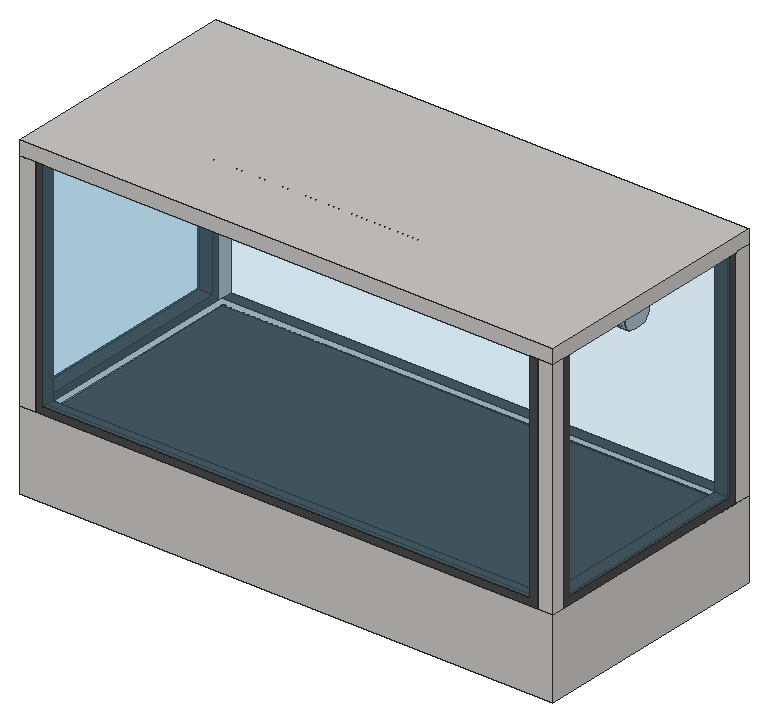
Revit family "QF_FESTIVE_DHD14", category Specialty Equipment, Revit 2020
Family settings
  Round Connector Dimension = Use Diameter
  Part Type = Normal
  Work Plane-Based = No
  Always vertical = Yes
  Cut with Voids When Loaded = No
  Shared = No
  Room Calculation Point = No
Parameters (values of type "DHD14")
  Weight in Pounds = 0
  Watts = if(Phase = 3, Volts * FL Amps * 1.73, Volts * FL Amps)  # 2640 W
  Volts = 220 V
  URL Cutsheet = ""
  Specification by User = ""
  Specification by Manufacturer = ""
  Serial Number = ""
  Seismic Rating = ""
  SMACNA No = ""
  Revision Code = ""
  Phase = 1
  Number of Poles = 1
  NAFEM Spec ID Number = ""
  Model = "DHD14"
  Min Ckt Ampacity = 0 A
  Max Overcurrent Protection = 0 A
  Masterspec = ""
  Manufacturer = "FESTIVE"
  Light Length [instance] = Length - 70 mm  # 1325 mm
  Length = 1395 mm
  Item Number = ""
  Installed By = ""
  Identify Quantity as Lot = yes
  Height = 830 mm
  HP = ""
  Furnished By = ""
  Foodservice Equipment Identifier = yes
  FL Amps = 12 A
  Electrical Remarks = ""
  Electric Connection Type = ""
  Elec Conn RI Height = 0 mm
  Elec Conn Connection Height = 0 mm
  Door Length [instance] = if(Length > 1069 mm, (Length / 2) - 80 mm, Length - 80 mm)  # 617.5 mm
  Description = "DEVON: HOT DECK"
  Depth = 640 mm
  Default Elevation = 0 mm
  Cycle = 50 Hz
  Conn Plug = ""
  Conn Conduit = yes
  Center Post Assembly [instance] = Length > 1069 mm  # yes
  CSI MasterFormat = ""
  Apparent Power = if(Phase = 3, Volts * FL Amps * 1.73, Volts * FL Amps)  # 2640 VA
Reference planes
  plane 1 "BACK": y = 0
  plane 2: z = 0
  plane 3 "LEFT": x = 0
  plane 4 "RIGHT": x = 1395
  plane 5 "FRONT": y = -640
  plane 6 "TOP": z = 830
  plane 7 "Center Y": x = 697.5
  plane 8 "Center X": y = -320
  plane 9: z = 205
Forms (mm)
  Extrusion 1, solid, material "QF_Metal - Stainless - Satin"
    sketch origin (0, 0, 0) x (0, 1, 0) y (0, 0, 1)
      loop
        line (0, 205) -> (-640, 205) -> (-640, 0) -> (0, 0) -> (0, 205)
    from 0 to 1395
  Extrusion 2, solid, material "QF_Metal - Stainless - Satin"
    sketch origin (0, 0, 0) x (0, 1, 0) y (0, 0, 1)
      loop
        line (0, 793) -> (0, 830) -> (-640, 830) -> (-640, 793) -> (0, 793)
    from 0 to 1395
  Extrusion 3, solid, material "QF_Metal - Stainless - Satin"
    sketch origin (0, 0, 0) x (0, 1, 0) y (0, 0, 1)
      loop
        line (0, 793) -> (-40.1, 793) -> (-40.1, 205) -> (0, 205) -> (0, 793)
    from 0 to 40.1
  Extrusion 4, solid, material "QF_Metal - Stainless - Satin"
    sketch origin (0, 0, 0) x (0, 1, 0) y (0, 0, 1)
      loop
        line (-608, 793) -> (-640, 793) -> (-640, 205) -> (-608, 205) -> (-608, 793)
    from 0 to 40.1
  Extrusion 5, solid, material "QF_Plastic - Black - Smooth"
    sketch origin (0, -640, 205) x (0, 0, -1) y (1, 0, 0)
      loop
        line (-588, 40.1) -> (0, 40.1) -> (0, 1354.9) -> (-588, 1354.9) -> (-588, 1334.9) -> (-20, 1334.9) -> (-20, 60.1) -> (-588, 60.1) -> (-588, 40.1)
    from 0 to -32
  Extrusion 6, solid, material "Glass"
    sketch origin (0, -640, 205) x (0, 0, -1) y (1, 0, 0)
      loop
        line (-588, 60.1) -> (-20, 60.1) -> (-20, 1334.9) -> (-588, 1334.9) -> (-588, 60.1)
    from 0 to -10
  Extrusion 7, solid, material "QF_Plastic - Black - Smooth"
    sketch origin (0, 0, 0) x (0, -1, 0) y (0, 0, 1)
      loop
        line (40.1, 793) -> (40.1, 205) -> (608, 205) -> (608, 793) -> (588, 793) -> (588, 225) -> (60.1, 225) -> (60.1, 793) -> (40.1, 793)
    from 0 to -40.1
  Extrusion 8, solid, material "QF_Plastic - Black - Smooth"
    sketch origin (1395, 0, 0) x (0, -1, 0) y (0, 0, 1)
      loop
        line (40.1, 793) -> (40.1, 205) -> (608, 205) -> (608, 793) -> (588, 793) -> (588, 225) -> (60.1, 225) -> (60.1, 793) -> (40.1, 793)
    from 0 to 39.9
  Extrusion 9, solid, material "Glass"
    sketch origin (1395, 0, 0) x (0, -1, 0) y (0, 0, 1)
      loop
        line (588, 793) -> (60.1, 793) -> (60.1, 225) -> (588, 225) -> (588, 793)
    from 0 to 5.1
  Extrusion 10, solid, material "Glass"
    sketch origin (0, 0, 0) x (0, 1, 0) y (0, 0, -1)
      loop
        line (-588, -793) -> (-60.1, -793) -> (-60.1, -225) -> (-588, -225) -> (-588, -793)
    from 0 to -5.1
  Extrusion 11, solid, material "QF_Metal - Stainless - Satin"
    sketch origin (0, -608, 205) x (1, 0, 0) y (0, -1, 0)
      loop
        line (40.1, -576) -> (1354.9, -576) -> (1354.9, 0) -> (40.1, 0) -> (40.1, -576)
      loop
        line (60.1, -556) -> (1334.9, -556) -> (1334.9, -20) -> (60.1, -20) -> (60.1, -556)
    from 0 to -2
  Extrusion 12, solid
    sketch origin (0, 0, 201.118) x (0, 0, 1) y (1, 0, 0)
      loop
        circle (-171.118, 56) r 10
    from 0 to 3.2
  Extrusion 13, solid, material "QF_Metal - Stainless - Satin"
    sketch origin (0, 0, 201.118) x (0, 0, 1) y (1, 0, 0)
      loop
        line (-78.018, 922.5) -> (-196.118, 922.5) -> (-196.118, 472.5) -> (-78.018, 472.5) -> (-78.018, 922.5)
      loop
        line (-135.768, 586.65) -> (-135.768, 660.65)
        arc (-135.768, 660.65) -> (-154.018, 664.14) -> (-172.268, 660.65) r 49.458
        line (-172.268, 660.65) -> (-172.268, 586.65)
        arc (-172.268, 586.65) -> (-154.018, 583.131) -> (-135.768, 586.65) r 49.084
    from 0 to 1.5
  Extrusion 14, solid
    sketch origin (-21.25, 1.5, 201.118) x (0, 0, 1) y (1, 0, 0)
      loop
        line (-137.993, 589.375) -> (-169.993, 589.375) -> (-169.993, 575.375) -> (-137.993, 575.375) -> (-137.993, 589.375)
      loop
        line (-165.993, 586.375) -> (-165.993, 578.375) -> (-141.993, 578.375) -> (-141.993, 586.375) -> (-165.993, 586.375)
      loop
        line (-137.993, 558.95) -> (-169.993, 558.95) -> (-169.993, 544.95) -> (-137.993, 544.95) -> (-137.993, 558.95)
      loop
        line (-165.993, 555.95) -> (-165.993, 547.95) -> (-141.993, 547.95) -> (-141.993, 555.95) -> (-165.993, 555.95)
    from 0 to 1.5
  Extrusion 15, solid, material "QF_Plastic - Red - Smooth"
    sketch origin (557.125, 1.5, 59.125) x (0, 0, -1) y (0, 1, 0)
      loop
        line (0, 1.5) -> (24, 1.5) -> (24, 6.5)
        arc (24, 6.5) -> (12.085, 4.325) -> (0, 3.53) r 105.571
        line (0, 3.53) -> (0, 1.5)
    from 0 to 8
  Extrusion 16, solid, material "QF_Plastic - Black - Smooth"
    sketch origin (298.4, 1.5, 155.795) x (0, 0, 1) y (1, 0, 0)
      loop
        arc (-90.445, 362.25) -> (-108.695, 365.858) -> (-126.945, 362.25) r 47.955
        line (-126.945, 362.25) -> (-126.945, 288.25)
        arc (-126.945, 288.25) -> (-108.695, 284.642) -> (-90.445, 288.25) r 47.955
        line (-90.445, 288.25) -> (-90.445, 362.25)
    from 0 to 1.5
  Extrusion 17, solid, material "QF_Plastic - Red - Smooth"
    sketch origin (526.7, 1.5, 59.125) x (0, 0, -1) y (0, 1, 0)
      loop
        line (0, 1.5) -> (24, 1.5) -> (24, 6.5)
        arc (24, 6.5) -> (12.085, 4.325) -> (0, 3.53) r 105.571
        line (0, 3.53) -> (0, 1.5)
    from 0 to 8
  Extrusion 18, solid, material "QF_Metal - Stainless - Satin", not visible
    sketch origin (-325, 0, 201.118) x (0, 0, 1) y (1, 0, 0)
      loop
        line (-78.018, 922.5) -> (-196.118, 922.5) -> (-196.118, 472.5) -> (-78.018, 472.5) -> (-78.018, 922.5)
      loop
        line (-135.768, 586.65) -> (-135.768, 660.65)
        arc (-135.768, 660.65) -> (-154.018, 664.14) -> (-172.268, 660.65) r 49.458
        line (-172.268, 660.65) -> (-172.268, 586.65)
        arc (-172.268, 586.65) -> (-154.018, 583.131) -> (-135.768, 586.65) r 49.084
    from 0 to 1.5
  Extrusion 19, solid, not visible
    sketch origin (-346.25, 1.5, 201.118) x (0, 0, 1) y (1, 0, 0)
      loop
        line (-137.993, 589.375) -> (-169.993, 589.375) -> (-169.993, 575.375) -> (-137.993, 575.375) -> (-137.993, 589.375)
      loop
        line (-165.993, 586.375) -> (-165.993, 578.375) -> (-141.993, 578.375) -> (-141.993, 586.375) -> (-165.993, 586.375)
      loop
        line (-137.993, 558.95) -> (-169.993, 558.95) -> (-169.993, 544.95) -> (-137.993, 544.95) -> (-137.993, 558.95)
      loop
        line (-165.993, 555.95) -> (-165.993, 547.95) -> (-141.993, 547.95) -> (-141.993, 555.95) -> (-165.993, 555.95)
    from 0 to 1.5
  Extrusion 20, solid, material "QF_Plastic - Red - Smooth", not visible
    sketch origin (232.125, 1.5, 59.125) x (0, 0, -1) y (0, 1, 0)
      loop
        line (0, 1.5) -> (24, 1.5) -> (24, 6.5)
        arc (24, 6.5) -> (12.085, 4.325) -> (0, 3.53) r 105.571
        line (0, 3.53) -> (0, 1.5)
    from 0 to 8
  Extrusion 21, solid, material "QF_Plastic - Black - Smooth", not visible
    sketch origin (-26.6, 1.5, 155.795) x (0, 0, 1) y (1, 0, 0)
      loop
        arc (-90.445, 362.25) -> (-108.695, 365.858) -> (-126.945, 362.25) r 47.955
        line (-126.945, 362.25) -> (-126.945, 288.25)
        arc (-126.945, 288.25) -> (-108.695, 284.642) -> (-90.445, 288.25) r 47.955
        line (-90.445, 288.25) -> (-90.445, 362.25)
    from 0 to 1.5
  Extrusion 22, solid, material "QF_Plastic - Red - Smooth", not visible
    sketch origin (201.7, 1.5, 59.125) x (0, 0, -1) y (0, 1, 0)
      loop
        line (0, 1.5) -> (24, 1.5) -> (24, 6.5)
        arc (24, 6.5) -> (12.085, 4.325) -> (0, 3.53) r 105.571
        line (0, 3.53) -> (0, 1.5)
    from 0 to 8
  Extrusion 23, solid, material "QF_Metal - Stainless - Satin"
    sketch origin (1395, 0, 0) x (0, -1, 0) y (0, 0, 1)
      loop
        line (0, 793) -> (0, 205) -> (40.1, 205) -> (40.1, 793) -> (0, 793)
    from 0 to 39.9
  Extrusion 24, solid, material "QF_Metal - Stainless - Satin"
    sketch origin (1395, 0, 0) x (0, -1, 0) y (0, 0, 1)
      loop
        line (608, 793) -> (608, 205) -> (640, 205) -> (640, 793) -> (608, 793)
    from 0 to 39.9
Lines and regions (mm)
  Split face 1
    outline origin (298.4, 3, 155.795) x (0, 0, 1) y (1, 0, 0)
      loop
        arc (-93.945, 353.493) -> (-108.685, 356.848) -> (-123.425, 353.493) r 34.06
        line (-123.425, 353.493) -> (-123.425, 314) -> (-93.945, 314) -> (-93.945, 353.493)
  Split face 2, not visible
    outline origin (-26.6, 3, 155.795) x (0, 0, 1) y (1, 0, 0)
      loop
        arc (-93.945, 353.493) -> (-108.685, 356.848) -> (-123.425, 353.493) r 34.06
        line (-123.425, 353.493) -> (-123.425, 314) -> (-93.945, 314) -> (-93.945, 353.493)
  symbolic lines
    curve 1: line (0, 0, 0) -> (1395, 0, 0)
    curve 2: line (0, -640, 0) -> (0, 0, 0)
    curve 3: line (1395, -640, 0) -> (0, -640, 0)
    curve 4: line (1395, 0, 0) -> (1395, -640, 0)
Dimensions and locks
  equal spacing: plane 3 "LEFT", plane 7 "Center Y", plane 4 "RIGHT"
  "Length": plane 3 "LEFT" to plane 4 "RIGHT"
  equal spacing: plane 5 "FRONT", plane 8 "Center X", plane 1 "BACK"
  "Depth": plane 5 "FRONT" to plane 1 "BACK"
  "Height": plane 6 "TOP" to level
  plane 9 to plane 2 = 205 mm  (x2)
  plane 6 "TOP" to plane 9 = 625 mm  (x2)
  plane 1 "BACK" to plane 5 "FRONT" = 640 mm
  locked: Extrusion 13 to plane 7 "Center Y" at 225
  Extrusion 5 sketch curve to Extrusion 5 sketch curve to plane 4 "RIGHT" = 20 mm locked, 40.1 mm locked
  Extrusion 11 sketch curve to Extrusion 11 sketch curve to plane 4 "RIGHT" = 20 mm locked, 40.1 mm locked
  plane 3 "LEFT" to plane 4 "RIGHT" = 1395 mm
  locked: nested 1 to plane 3 "LEFT" at 35
  aligned and locked: level to plane 2
  aligned and locked: Extrusion 2 to plane 4 "RIGHT"
  aligned and locked: Extrusion 1 to plane 4 "RIGHT"
Automatic sketch dimensions
  Extrusion 13 sketch curve to Extrusion 13 sketch curve = 18.25 mm  (x2)
  Extrusion 13 sketch curve to Extrusion 13 sketch curve = 0 mm
  Extrusion 13 sketch curve to Extrusion 13 sketch curve = 28.032 mm
  Extrusion 13 sketch curve to Extrusion 13 sketch curve = 17.533 mm
  Extrusion 13 sketch curve to Extrusion 13 sketch curve = 28.435 mm
  Extrusion 13 to Extrusion 14 sketch curve = 2.275 mm  (x2)
  Extrusion 14 sketch curve to Extrusion 14 sketch curve = 4 mm  (x2)
  Extrusion 13 to Extrusion 14 sketch curve = 6.225 mm  (x2)
  Extrusion 13 to Extrusion 14 sketch curve = 2.225 mm  (x2)
  Extrusion 14 sketch curve to Extrusion 13 = 51.2 mm
  Extrusion 14 sketch curve to Extrusion 14 sketch curve = 3 mm  (x4)
  Extrusion 14 sketch curve to Extrusion 14 sketch curve = 8 mm  (x2)
  Extrusion 14 sketch curve to Extrusion 14 sketch curve = 16.425 mm
  Extrusion 14 to Extrusion 15 sketch curve = 0 mm  (x2)
  Extrusion 15 sketch curve to Extrusion 14 = 0 mm
  Extrusion 15 sketch curve to Extrusion 14 = 0.881 mm
  Extrusion 15 sketch curve to Extrusion 14 = 2.03 mm
  Extrusion 15 sketch curve to Extrusion 14 = 5 mm
  Extrusion 16 sketch curve to Extrusion 16 sketch curve = 18.25 mm  (x2)
  Extrusion 16 sketch curve to Extrusion 16 sketch curve = 0 mm
  Extrusion 16 sketch curve to Extrusion 16 sketch curve = 29.654 mm  (x2)
  Extrusion 16 sketch curve to Extrusion 16 sketch curve = 14.693 mm
  Split face 1 sketch curve to Extrusion 16 = 3.52 mm
  Split face 1 sketch curve to Split face 1 sketch curve = 14.74 mm
  Split face 1 sketch curve to Extrusion 16 = 3.5 mm
  Split face 1 sketch curve to Split face 1 sketch curve = 8.787 mm
  Split face 1 sketch curve to Split face 1 sketch curve = 30.706 mm
  Extrusion 17 sketch curve to Extrusion 17 sketch curve = 24 mm
  Extrusion 17 sketch curve to Extrusion 17 sketch curve = 2.03 mm
  Extrusion 17 sketch curve to Extrusion 17 sketch curve = 5 mm
  Extrusion 13 sketch curve to Extrusion 13 sketch curve = 23.85 mm
  Extrusion 13 sketch curve to Extrusion 13 sketch curve = 118.1 mm
  Extrusion 13 sketch curve to Extrusion 13 sketch curve = 114.15 mm
  Extrusion 13 sketch curve to Extrusion 13 sketch curve = 261.85 mm
  Extrusion 17 sketch curve to Extrusion 17 sketch curve = 0.881 mm
  Extrusion 18 sketch curve to Extrusion 18 sketch curve = 18.25 mm  (x2)
  Extrusion 18 sketch curve to Extrusion 18 sketch curve = 0 mm
  Extrusion 18 sketch curve to Extrusion 18 sketch curve = 28.032 mm
  Extrusion 18 sketch curve to Extrusion 18 sketch curve = 17.533 mm
  Extrusion 18 sketch curve to Extrusion 18 sketch curve = 28.435 mm
  Extrusion 18 to Extrusion 19 sketch curve = 2.275 mm  (x2)
  Extrusion 19 sketch curve to Extrusion 19 sketch curve = 4 mm  (x2)
  Extrusion 18 to Extrusion 19 sketch curve = 6.225 mm  (x2)
  Extrusion 18 to Extrusion 19 sketch curve = 2.225 mm  (x2)
  Extrusion 19 sketch curve to Extrusion 18 = 51.2 mm
  Extrusion 19 sketch curve to Extrusion 19 sketch curve = 3 mm  (x4)
  Extrusion 19 sketch curve to Extrusion 19 sketch curve = 8 mm  (x2)
  Extrusion 19 sketch curve to Extrusion 19 sketch curve = 16.425 mm
  Extrusion 19 to Extrusion 20 sketch curve = 0 mm  (x2)
  Extrusion 20 sketch curve to Extrusion 19 = 0 mm
  Extrusion 20 sketch curve to Extrusion 19 = 0.881 mm
  Extrusion 20 sketch curve to Extrusion 19 = 2.03 mm
  Extrusion 20 sketch curve to Extrusion 19 = 5 mm
  Extrusion 21 sketch curve to Extrusion 21 sketch curve = 18.25 mm  (x2)
  Extrusion 21 sketch curve to Extrusion 21 sketch curve = 0 mm
  Extrusion 21 sketch curve to Extrusion 21 sketch curve = 29.654 mm  (x2)
  Extrusion 21 sketch curve to Extrusion 21 sketch curve = 14.693 mm
  Split face 2 sketch curve to Extrusion 21 = 3.52 mm
  Split face 2 sketch curve to Split face 2 sketch curve = 14.74 mm
  Split face 2 sketch curve to Extrusion 21 = 3.5 mm
  Split face 2 sketch curve to Split face 2 sketch curve = 8.787 mm
  Split face 2 sketch curve to Split face 2 sketch curve = 30.706 mm
  Extrusion 22 sketch curve to Extrusion 22 sketch curve = 24 mm
  Extrusion 22 sketch curve to Extrusion 22 sketch curve = 2.03 mm
  Extrusion 22 sketch curve to Extrusion 22 sketch curve = 5 mm
  Extrusion 18 sketch curve to Extrusion 18 sketch curve = 23.85 mm
  Extrusion 18 sketch curve to Extrusion 18 sketch curve = 118.1 mm
  Extrusion 18 sketch curve to Extrusion 18 sketch curve = 114.15 mm
  Extrusion 18 sketch curve to Extrusion 18 sketch curve = 261.85 mm
  Extrusion 22 sketch curve to Extrusion 22 sketch curve = 0.881 mm
  curve 3 to plane 3 "LEFT" = 0 mm
  curve 3 to plane 4 "RIGHT" = 0 mm
  plane 5 "FRONT" to curve 3 = 0 mm
  plane 1 "BACK" to curve 2 = 0 mm
  Extrusion 1 sketch curve to plane 5 "FRONT" = 0 mm
  Extrusion 1 sketch curve to level = 0 mm
  Extrusion 1 sketch curve to plane 1 "BACK" = 0 mm
  Extrusion 1 sketch curve to plane 9 = 0 mm
  Extrusion 2 sketch curve to plane 5 "FRONT" = 0 mm
  Extrusion 2 sketch curve to plane 1 "BACK" = 0 mm
  Extrusion 2 sketch curve to plane 6 "TOP" = 0 mm
  Extrusion 2 sketch curve to plane 6 "TOP" = 37 mm
  Extrusion 3 sketch curve to plane 9 = 0 mm
  Extrusion 3 sketch curve to plane 1 "BACK" = 0 mm
  Extrusion 3 sketch curve to Extrusion 3 sketch curve = 40.1 mm
  Extrusion 3 sketch curve to plane 6 "TOP" = 37 mm
  Extrusion 4 sketch curve to plane 5 "FRONT" = 0 mm
  Extrusion 4 sketch curve to plane 9 = 0 mm
  Extrusion 4 sketch curve to plane 5 "FRONT" = 32 mm
  Extrusion 4 sketch curve to plane 6 "TOP" = 37 mm
  Extrusion 5 sketch curve to Extrusion 1 = 0 mm
  Extrusion 1 to Extrusion 5 sketch curve = 20 mm
  Extrusion 1 to Extrusion 5 sketch curve = 40.1 mm
  Extrusion 5 sketch curve to Extrusion 5 sketch curve = 568 mm  (x2)
  Extrusion 5 sketch curve to Extrusion 5 sketch curve = 20 mm
  Extrusion 1 to Extrusion 6 sketch curve = 60.1 mm  (x2)
  Extrusion 1 to Extrusion 6 sketch curve = 588 mm
  Extrusion 1 to Extrusion 6 sketch curve = 20 mm
  Extrusion 3 to Extrusion 7 sketch curve = 0 mm  (x3)
  Extrusion 7 sketch curve to Extrusion 3 = 0 mm
  Extrusion 3 to Extrusion 7 sketch curve = 20 mm
  Extrusion 7 sketch curve to Extrusion 3 = 20 mm
  Extrusion 7 sketch curve to Extrusion 7 sketch curve = 527.9 mm
  Extrusion 7 sketch curve to Extrusion 7 sketch curve = 20 mm
  Extrusion 8 sketch curve to plane 9 = 0 mm
  plane 1 "BACK" to Extrusion 8 sketch curve = 40.1 mm
  Extrusion 8 sketch curve to Extrusion 8 sketch curve = 20 mm  (x2)
  plane 9 to Extrusion 8 sketch curve = 20 mm
  Extrusion 8 sketch curve to plane 5 "FRONT" = 52 mm
  Extrusion 8 sketch curve to plane 6 "TOP" = 37 mm  (x2)
  plane 1 "BACK" to Extrusion 9 sketch curve = 60.1 mm
  plane 9 to Extrusion 9 sketch curve = 20 mm
  Extrusion 9 sketch curve to plane 5 "FRONT" = 52 mm
  Extrusion 9 sketch curve to plane 6 "TOP" = 37 mm
  plane 9 to Extrusion 10 sketch curve = 20 mm
  Extrusion 10 sketch curve to plane 5 "FRONT" = 52 mm
  plane 1 "BACK" to Extrusion 10 sketch curve = 60.1 mm
  Extrusion 10 sketch curve to plane 6 "TOP" = 37 mm
  Extrusion 11 sketch curve to Extrusion 7 = 0 mm  (x2)
  Extrusion 7 to Extrusion 11 sketch curve = 20 mm  (x2)
  Extrusion 11 sketch curve to Extrusion 7 = 11.9 mm
  Extrusion 7 to Extrusion 11 sketch curve = 8.1 mm
  level to Extrusion 12 sketch curve = 30 mm
  plane 3 "LEFT" to Extrusion 12 sketch curve = 56 mm
  Extrusion 23 sketch curve to plane 1 "BACK" = 0 mm
  Extrusion 23 sketch curve to plane 9 = 0 mm
  Extrusion 23 sketch curve to Extrusion 23 sketch curve = 40.1 mm
  Extrusion 23 sketch curve to plane 6 "TOP" = 37 mm
  Extrusion 24 sketch curve to plane 9 = 0 mm
  Extrusion 24 sketch curve to plane 5 "FRONT" = 0 mm
  Extrusion 24 sketch curve to plane 5 "FRONT" = 32 mm
  Extrusion 24 sketch curve to plane 6 "TOP" = 37 mm
  radius of Extrusion 12 sketch curve = 10 mm
Nested families
  nested 1: "LIGHTS" at (35, -282.344, 0), type "LIGHTS"
    with Length 1325 mm
Connectors
  electrical at (56, 3.2, 30), driven by "Volts", driven by "Watts"
    settings: on Extrusion 12, index 1, voltage 220 V, apparent load 2640 VA, apparent load phase1 0 VA, apparent load phase2 0 VA, apparent load phase3 0 VA, power factor 1, load classification "Other", number of poles 1, system type 30, power factor state 1, is connector primary yes, connector utility no, sub classification motor no, connector description "ELECTRICAL CONNECTION"
Definition of nested family "LIGHTS"
  Parameters (values of type "LIGHTS")
    Weight in Pounds = 0
    Watts = if(Phase = 3, Volts * FL Amps * 1.73, Volts * FL Amps)  # 1078 W
    Volts = 220 V
    URL Cutsheet = ""
    Specification by User = ""
    Specification by Manufacturer = ""
    Serial Number = ""
    Seismic Rating = ""
    SMACNA No = ""
    Revision Code = ""
    Phase = 1
    Number of Poles = 1
    NAFEM Spec ID Number = ""
    Model = "DHD7"
    Min Ckt Ampacity = 0 A
    Max Overcurrent Protection = 0 A
    Masterspec = ""
    Manufacturer = "FESTIVE"
    Length = 675 mm
    Item Number = ""
    Installed By = ""
    Identify Quantity as Lot = yes
    Height = 830 mm
    HP = ""
    Furnished By = ""
    Foodservice Equipment Identifier = yes
    FL Amps = 4.9 A  # constant formula
    Electrical Remarks = ""
    Electric Connection Type = ""
    Elec Conn RI Height = 0 mm
    Elec Conn Connection Height = 0 mm
    Description = "DEVON: HOT DECK"
    Depth = 75.193 mm
    Default Elevation = 0 mm
    Cycle = 50 Hz
    Conn Plug = ""
    Conn Conduit = yes
    CSI MasterFormat = ""
    Apparent Power = if(Phase = 3, Volts * FL Amps * 1.73, Volts * FL Amps)  # 1078 VA
  Reference planes
    plane 1 "BACK": y = 0
    plane 2: z = 0
    plane 3 "LEFT": x = 0
    plane 4 "RIGHT": x = 675
    plane 5 "FRONT": y = -75.193
    plane 6 "TOP": z = 830
    plane 7 "Center Y": x = 337.5
    plane 8 "Center X": y = -37.596
    plane 9: z = 205
    plane 10: x = 464.5
    plane 11: x = 210.5
  Forms (mm)
    Extrusion 1, solid
      sketch origin (-60.1, 282.404, 0) x (0, 1, 0) y (0, 0, 1)
        loop
          arc (-295, 792.076) -> (-295.856, 794.144) -> (-297.924, 795) r 2.924
          line (-297.924, 795) -> (-342.076, 795)
          arc (-342.076, 795) -> (-344.144, 794.144) -> (-345, 792.076) r 2.924
          line (-345, 792.076) -> (-345, 776.085)
          arc (-345, 776.085) -> (-357.596, 753.232) -> (-345, 730.378) r 27.029
          arc (-345, 730.378) -> (-320, 727.581) -> (-295, 730.378) r 113.108
          arc (-295, 730.378) -> (-282.404, 753.232) -> (-295, 776.085) r 27.029
          line (-295, 776.085) -> (-295, 792.076)
        loop
          arc (-298.5, 786) -> (-298.793, 786.707) -> (-299.5, 787) r 1
          line (-299.5, 787) -> (-301.5, 787)
          arc (-301.5, 787) -> (-302.207, 786.707) -> (-302.5, 786) r 1
          line (-302.5, 786) -> (-302.5, 774)
          arc (-302.5, 774) -> (-302.207, 773.293) -> (-301.5, 773) r 1
          line (-301.5, 773) -> (-299.5, 773)
          arc (-299.5, 773) -> (-298.793, 773.293) -> (-298.5, 774) r 1
          line (-298.5, 774) -> (-298.5, 786)
        loop
          arc (-305, 786) -> (-305.293, 786.707) -> (-306, 787) r 1
          line (-306, 787) -> (-308, 787)
          arc (-308, 787) -> (-308.707, 786.707) -> (-309, 786) r 1
          line (-309, 786) -> (-309, 774)
          arc (-309, 774) -> (-308.707, 773.293) -> (-308, 773) r 1
          line (-308, 773) -> (-306, 773)
          arc (-306, 773) -> (-305.293, 773.293) -> (-305, 774) r 1
          line (-305, 774) -> (-305, 786)
        loop
          arc (-311.5, 786) -> (-311.793, 786.707) -> (-312.5, 787) r 1
          line (-312.5, 787) -> (-314.5, 787)
          arc (-314.5, 787) -> (-315.207, 786.707) -> (-315.5, 786) r 1
          line (-315.5, 786) -> (-315.5, 774)
          arc (-315.5, 774) -> (-315.207, 773.293) -> (-314.5, 773) r 1
          line (-314.5, 773) -> (-312.5, 773)
          arc (-312.5, 773) -> (-311.793, 773.293) -> (-311.5, 774) r 1
          line (-311.5, 774) -> (-311.5, 786)
        loop
          arc (-318, 786) -> (-318.293, 786.707) -> (-319, 787) r 1
          line (-319, 787) -> (-321, 787)
          arc (-321, 787) -> (-321.707, 786.707) -> (-322, 786) r 1
          line (-322, 786) -> (-322, 774)
          arc (-322, 774) -> (-321.707, 773.293) -> (-321, 773) r 1
          line (-321, 773) -> (-319, 773)
          arc (-319, 773) -> (-318.293, 773.293) -> (-318, 774) r 1
          line (-318, 774) -> (-318, 786)
        loop
          arc (-324.5, 786) -> (-324.793, 786.707) -> (-325.5, 787) r 1
          line (-325.5, 787) -> (-327.5, 787)
          arc (-327.5, 787) -> (-328.207, 786.707) -> (-328.5, 786) r 1
          line (-328.5, 786) -> (-328.5, 774)
          arc (-328.5, 774) -> (-328.207, 773.293) -> (-327.5, 773) r 1
          line (-327.5, 773) -> (-325.5, 773)
          arc (-325.5, 773) -> (-324.793, 773.293) -> (-324.5, 774) r 1
          line (-324.5, 774) -> (-324.5, 786)
        loop
          arc (-331, 786) -> (-331.293, 786.707) -> (-332, 787) r 1
          line (-332, 787) -> (-334, 787)
          arc (-334, 787) -> (-334.707, 786.707) -> (-335, 786) r 1
          line (-335, 786) -> (-335, 774)
          arc (-335, 774) -> (-334.707, 773.293) -> (-334, 773) r 1
          line (-334, 773) -> (-332, 773)
          arc (-332, 773) -> (-331.293, 773.293) -> (-331, 774) r 1
          line (-331, 774) -> (-331, 786)
        loop
          arc (-337.5, 786) -> (-337.793, 786.707) -> (-338.5, 787) r 1
          line (-338.5, 787) -> (-340.5, 787)
          arc (-340.5, 787) -> (-341.207, 786.707) -> (-341.5, 786) r 1
          line (-341.5, 786) -> (-341.5, 774)
          arc (-341.5, 774) -> (-341.207, 773.293) -> (-340.5, 773) r 1
          line (-340.5, 773) -> (-338.5, 773)
          arc (-338.5, 773) -> (-337.793, 773.293) -> (-337.5, 774) r 1
          line (-337.5, 774) -> (-337.5, 786)
      from 60.1 to 62
    Extrusion 2, solid
      sketch origin (1.9, 282.404, 0) x (0, 1, 0) y (0, 0, 1)
        loop
          arc (-295, 792.076) -> (-295.856, 794.144) -> (-297.924, 795) r 2.924
          line (-297.924, 795) -> (-342.076, 795)
          arc (-342.076, 795) -> (-344.144, 794.144) -> (-345, 792.076) r 2.924
          line (-345, 792.076) -> (-345, 776.085)
          arc (-345, 776.085) -> (-357.596, 753.232) -> (-345, 730.378) r 27.029
          line (-345, 730.378) -> (-344.466, 731.224)
          arc (-344.466, 731.224) -> (-356.596, 753.232) -> (-344.466, 775.239) r 26.029
          line (-344.466, 775.239) -> (-295.534, 775.239)
          arc (-295.534, 775.239) -> (-283.404, 753.232) -> (-295.534, 731.224) r 26.029
          line (-295.534, 731.224) -> (-295, 730.378)
          arc (-295, 730.378) -> (-282.404, 753.232) -> (-295, 776.085) r 27.029
          line (-295, 776.085) -> (-295, 792.076)
      from 0 to 671.1
    Extrusion 3, solid
      sketch origin (1.9, 282.404, 0) x (0, 1, 0) y (0, 0, 1)
        loop
          line (-295.534, 775.239) -> (-344.466, 775.239)
          arc (-344.466, 775.239) -> (-356.596, 753.232) -> (-344.466, 731.224) r 26.029
          line (-344.466, 731.224) -> (-295.534, 731.224)
          arc (-295.534, 731.224) -> (-283.404, 753.232) -> (-295.534, 775.239) r 26.029
      from 0 to 208.6
    Extrusion 4, solid
      sketch origin (286.9, 282.404, 0) x (0, 1, 0) y (0, 0, 1)
        loop
          line (-295.534, 775.239) -> (-344.466, 775.239)
          arc (-344.466, 775.239) -> (-356.596, 753.232) -> (-344.466, 731.224) r 26.029
          line (-344.466, 731.224) -> (-295.534, 731.224)
          arc (-295.534, 731.224) -> (-283.404, 753.232) -> (-295.534, 775.239) r 26.029
      from 177.6 to 386.1
    Extrusion 5, solid
      sketch origin (431.4, 282.404, 0) x (0, 1, 0) y (0, 0, 1)
        loop
          circle (-320.06, 740.619) r 8.038
      from -220.9 to 33.1
    Extrusion 6, solid, not visible
      sketch origin (-325, 0, 201.118) x (0, 0, 1) y (1, 0, 0)
        loop
          line (-78.018, 922.5) -> (-196.118, 922.5) -> (-196.118, 472.5) -> (-78.018, 472.5) -> (-78.018, 922.5)
        loop
          line (-135.768, 586.65) -> (-135.768, 660.65)
          arc (-135.768, 660.65) -> (-154.018, 664.14) -> (-172.268, 660.65) r 49.458
          line (-172.268, 660.65) -> (-172.268, 586.65)
          arc (-172.268, 586.65) -> (-154.018, 583.131) -> (-135.768, 586.65) r 49.084
      from 0 to 1.5
    Extrusion 7, solid, not visible
      sketch origin (-346.25, 1.5, 201.118) x (0, 0, 1) y (1, 0, 0)
        loop
          line (-137.993, 589.375) -> (-169.993, 589.375) -> (-169.993, 575.375) -> (-137.993, 575.375) -> (-137.993, 589.375)
        loop
          line (-165.993, 586.375) -> (-165.993, 578.375) -> (-141.993, 578.375) -> (-141.993, 586.375) -> (-165.993, 586.375)
        loop
          line (-137.993, 558.95) -> (-169.993, 558.95) -> (-169.993, 544.95) -> (-137.993, 544.95) -> (-137.993, 558.95)
        loop
          line (-165.993, 555.95) -> (-165.993, 547.95) -> (-141.993, 547.95) -> (-141.993, 555.95) -> (-165.993, 555.95)
      from 0 to 1.5
    Extrusion 8, solid, not visible
      sketch origin (232.125, 1.5, 59.125) x (0, 0, -1) y (0, 1, 0)
        loop
          line (0, 1.5) -> (24, 1.5) -> (24, 6.5)
          arc (24, 6.5) -> (12.085, 4.325) -> (0, 3.53) r 105.571
          line (0, 3.53) -> (0, 1.5)
      from 0 to 8
    Extrusion 9, solid, not visible
      sketch origin (-26.6, 1.5, 155.795) x (0, 0, 1) y (1, 0, 0)
        loop
          arc (-90.445, 362.25) -> (-108.695, 365.858) -> (-126.945, 362.25) r 47.955
          line (-126.945, 362.25) -> (-126.945, 288.25)
          arc (-126.945, 288.25) -> (-108.695, 284.642) -> (-90.445, 288.25) r 47.955
          line (-90.445, 288.25) -> (-90.445, 362.25)
      from 0 to 1.5
    Extrusion 10, solid, not visible
      sketch origin (201.7, 1.5, 59.125) x (0, 0, -1) y (0, 1, 0)
        loop
          line (0, 1.5) -> (24, 1.5) -> (24, 6.5)
          arc (24, 6.5) -> (12.085, 4.325) -> (0, 3.53) r 105.571
          line (0, 3.53) -> (0, 1.5)
      from 0 to 8
    Extrusion 11, solid, not visible
      sketch origin (1070, 0, 0) x (0, 1, 0) y (0, 0, -1)
        loop
          line (-295, -792.076) -> (-295, -776.085)
          arc (-295, -776.085) -> (-282.404, -753.232) -> (-295, -730.378) r 27.029
          arc (-295, -730.378) -> (-320, -727.581) -> (-345, -730.378) r 113.108
          arc (-345, -730.378) -> (-357.596, -753.232) -> (-345, -776.085) r 27.029
          line (-345, -776.085) -> (-345, -792.076)
          arc (-345, -792.076) -> (-344.144, -794.144) -> (-342.076, -795) r 2.924
          line (-342.076, -795) -> (-297.924, -795)
          arc (-297.924, -795) -> (-295.856, -794.144) -> (-295, -792.076) r 2.924
        loop
          line (-298.5, -786) -> (-298.5, -774)
          arc (-298.5, -774) -> (-298.793, -773.293) -> (-299.5, -773) r 1
          line (-299.5, -773) -> (-301.5, -773)
          arc (-301.5, -773) -> (-302.207, -773.293) -> (-302.5, -774) r 1
          line (-302.5, -774) -> (-302.5, -786)
          arc (-302.5, -786) -> (-302.207, -786.707) -> (-301.5, -787) r 1
          line (-301.5, -787) -> (-299.5, -787)
          arc (-299.5, -787) -> (-298.793, -786.707) -> (-298.5, -786) r 1
        loop
          line (-305, -786) -> (-305, -774)
          arc (-305, -774) -> (-305.293, -773.293) -> (-306, -773) r 1
          line (-306, -773) -> (-308, -773)
          arc (-308, -773) -> (-308.707, -773.293) -> (-309, -774) r 1
          line (-309, -774) -> (-309, -786)
          arc (-309, -786) -> (-308.707, -786.707) -> (-308, -787) r 1
          line (-308, -787) -> (-306, -787)
          arc (-306, -787) -> (-305.293, -786.707) -> (-305, -786) r 1
        loop
          line (-311.5, -786) -> (-311.5, -774)
          arc (-311.5, -774) -> (-311.793, -773.293) -> (-312.5, -773) r 1
          line (-312.5, -773) -> (-314.5, -773)
          arc (-314.5, -773) -> (-315.207, -773.293) -> (-315.5, -774) r 1
          line (-315.5, -774) -> (-315.5, -786)
          arc (-315.5, -786) -> (-315.207, -786.707) -> (-314.5, -787) r 1
          line (-314.5, -787) -> (-312.5, -787)
          arc (-312.5, -787) -> (-311.793, -786.707) -> (-311.5, -786) r 1
        loop
          line (-318, -786) -> (-318, -774)
          arc (-318, -774) -> (-318.293, -773.293) -> (-319, -773) r 1
          line (-319, -773) -> (-321, -773)
          arc (-321, -773) -> (-321.707, -773.293) -> (-322, -774) r 1
          line (-322, -774) -> (-322, -786)
          arc (-322, -786) -> (-321.707, -786.707) -> (-321, -787) r 1
          line (-321, -787) -> (-319, -787)
          arc (-319, -787) -> (-318.293, -786.707) -> (-318, -786) r 1
        loop
          line (-324.5, -786) -> (-324.5, -774)
          arc (-324.5, -774) -> (-324.793, -773.293) -> (-325.5, -773) r 1
          line (-325.5, -773) -> (-327.5, -773)
          arc (-327.5, -773) -> (-328.207, -773.293) -> (-328.5, -774) r 1
          line (-328.5, -774) -> (-328.5, -786)
          arc (-328.5, -786) -> (-328.207, -786.707) -> (-327.5, -787) r 1
          line (-327.5, -787) -> (-325.5, -787)
          arc (-325.5, -787) -> (-324.793, -786.707) -> (-324.5, -786) r 1
        loop
          line (-331, -786) -> (-331, -774)
          arc (-331, -774) -> (-331.293, -773.293) -> (-332, -773) r 1
          line (-332, -773) -> (-334, -773)
          arc (-334, -773) -> (-334.707, -773.293) -> (-335, -774) r 1
          line (-335, -774) -> (-335, -786)
          arc (-335, -786) -> (-334.707, -786.707) -> (-334, -787) r 1
          line (-334, -787) -> (-332, -787)
          arc (-332, -787) -> (-331.293, -786.707) -> (-331, -786) r 1
        loop
          line (-337.5, -786) -> (-337.5, -774)
          arc (-337.5, -774) -> (-337.793, -773.293) -> (-338.5, -773) r 1
          line (-338.5, -773) -> (-340.5, -773)
          arc (-340.5, -773) -> (-341.207, -773.293) -> (-341.5, -774) r 1
          line (-341.5, -774) -> (-341.5, -786)
          arc (-341.5, -786) -> (-341.207, -786.707) -> (-340.5, -787) r 1
          line (-340.5, -787) -> (-338.5, -787)
          arc (-338.5, -787) -> (-337.793, -786.707) -> (-337.5, -786) r 1
      from 360 to 362
    Extrusion 12, solid, not visible
      sketch origin (-25.1, 0, 0) x (0, 1, 0) y (0, 0, 1)
        loop
          arc (-295, 792.076) -> (-295.856, 794.144) -> (-297.924, 795) r 2.924
          line (-297.924, 795) -> (-342.076, 795)
          arc (-342.076, 795) -> (-344.144, 794.144) -> (-345, 792.076) r 2.924
          line (-345, 792.076) -> (-345, 776.085)
          arc (-345, 776.085) -> (-357.596, 753.232) -> (-345, 730.378) r 27.029
          arc (-345, 730.378) -> (-320, 727.581) -> (-295, 730.378) r 113.108
          arc (-295, 730.378) -> (-282.404, 753.232) -> (-295, 776.085) r 27.029
          line (-295, 776.085) -> (-295, 792.076)
        loop
          arc (-298.5, 786) -> (-298.793, 786.707) -> (-299.5, 787) r 1
          line (-299.5, 787) -> (-301.5, 787)
          arc (-301.5, 787) -> (-302.207, 786.707) -> (-302.5, 786) r 1
          line (-302.5, 786) -> (-302.5, 774)
          arc (-302.5, 774) -> (-302.207, 773.293) -> (-301.5, 773) r 1
          line (-301.5, 773) -> (-299.5, 773)
          arc (-299.5, 773) -> (-298.793, 773.293) -> (-298.5, 774) r 1
          line (-298.5, 774) -> (-298.5, 786)
        loop
          arc (-305, 786) -> (-305.293, 786.707) -> (-306, 787) r 1
          line (-306, 787) -> (-308, 787)
          arc (-308, 787) -> (-308.707, 786.707) -> (-309, 786) r 1
          line (-309, 786) -> (-309, 774)
          arc (-309, 774) -> (-308.707, 773.293) -> (-308, 773) r 1
          line (-308, 773) -> (-306, 773)
          arc (-306, 773) -> (-305.293, 773.293) -> (-305, 774) r 1
          line (-305, 774) -> (-305, 786)
        loop
          arc (-311.5, 786) -> (-311.793, 786.707) -> (-312.5, 787) r 1
          line (-312.5, 787) -> (-314.5, 787)
          arc (-314.5, 787) -> (-315.207, 786.707) -> (-315.5, 786) r 1
          line (-315.5, 786) -> (-315.5, 774)
          arc (-315.5, 774) -> (-315.207, 773.293) -> (-314.5, 773) r 1
          line (-314.5, 773) -> (-312.5, 773)
          arc (-312.5, 773) -> (-311.793, 773.293) -> (-311.5, 774) r 1
          line (-311.5, 774) -> (-311.5, 786)
        loop
          arc (-318, 786) -> (-318.293, 786.707) -> (-319, 787) r 1
          line (-319, 787) -> (-321, 787)
          arc (-321, 787) -> (-321.707, 786.707) -> (-322, 786) r 1
          line (-322, 786) -> (-322, 774)
          arc (-322, 774) -> (-321.707, 773.293) -> (-321, 773) r 1
          line (-321, 773) -> (-319, 773)
          arc (-319, 773) -> (-318.293, 773.293) -> (-318, 774) r 1
          line (-318, 774) -> (-318, 786)
        loop
          arc (-324.5, 786) -> (-324.793, 786.707) -> (-325.5, 787) r 1
          line (-325.5, 787) -> (-327.5, 787)
          arc (-327.5, 787) -> (-328.207, 786.707) -> (-328.5, 786) r 1
          line (-328.5, 786) -> (-328.5, 774)
          arc (-328.5, 774) -> (-328.207, 773.293) -> (-327.5, 773) r 1
          line (-327.5, 773) -> (-325.5, 773)
          arc (-325.5, 773) -> (-324.793, 773.293) -> (-324.5, 774) r 1
          line (-324.5, 774) -> (-324.5, 786)
        loop
          arc (-331, 786) -> (-331.293, 786.707) -> (-332, 787) r 1
          line (-332, 787) -> (-334, 787)
          arc (-334, 787) -> (-334.707, 786.707) -> (-335, 786) r 1
          line (-335, 786) -> (-335, 774)
          arc (-335, 774) -> (-334.707, 773.293) -> (-334, 773) r 1
          line (-334, 773) -> (-332, 773)
          arc (-332, 773) -> (-331.293, 773.293) -> (-331, 774) r 1
          line (-331, 774) -> (-331, 786)
        loop
          arc (-337.5, 786) -> (-337.793, 786.707) -> (-338.5, 787) r 1
          line (-338.5, 787) -> (-340.5, 787)
          arc (-340.5, 787) -> (-341.207, 786.707) -> (-341.5, 786) r 1
          line (-341.5, 786) -> (-341.5, 774)
          arc (-341.5, 774) -> (-341.207, 773.293) -> (-340.5, 773) r 1
          line (-340.5, 773) -> (-338.5, 773)
          arc (-338.5, 773) -> (-337.793, 773.293) -> (-337.5, 774) r 1
          line (-337.5, 774) -> (-337.5, 786)
      from 60.1 to 62
    Extrusion 13, solid, not visible
      sketch origin (36.9, 0, 0) x (0, 1, 0) y (0, 0, 1)
        loop
          arc (-295, 792.076) -> (-295.856, 794.144) -> (-297.924, 795) r 2.924
          line (-297.924, 795) -> (-342.076, 795)
          arc (-342.076, 795) -> (-344.144, 794.144) -> (-345, 792.076) r 2.924
          line (-345, 792.076) -> (-345, 776.085)
          arc (-345, 776.085) -> (-357.596, 753.232) -> (-345, 730.378) r 27.029
          line (-345, 730.378) -> (-344.466, 731.224)
          arc (-344.466, 731.224) -> (-356.596, 753.232) -> (-344.466, 775.239) r 26.029
          line (-344.466, 775.239) -> (-295.534, 775.239)
          arc (-295.534, 775.239) -> (-283.404, 753.232) -> (-295.534, 731.224) r 26.029
          line (-295.534, 731.224) -> (-295, 730.378)
          arc (-295, 730.378) -> (-282.404, 753.232) -> (-295, 776.085) r 27.029
          line (-295, 776.085) -> (-295, 792.076)
      from 0 to 671.1
    Extrusion 14, solid, not visible
      sketch origin (1070, 0, 0) x (0, 1, 0) y (0, 0, -1)
        loop
          line (-295, -792.076) -> (-295, -776.085)
          arc (-295, -776.085) -> (-282.404, -753.232) -> (-295, -730.378) r 27.029
          arc (-295, -730.378) -> (-320, -727.581) -> (-345, -730.378) r 113.108
          arc (-345, -730.378) -> (-357.596, -753.232) -> (-345, -776.085) r 27.029
          line (-345, -776.085) -> (-345, -792.076)
          arc (-345, -792.076) -> (-344.144, -794.144) -> (-342.076, -795) r 2.924
          line (-342.076, -795) -> (-297.924, -795)
          arc (-297.924, -795) -> (-295.856, -794.144) -> (-295, -792.076) r 2.924
        loop
          line (-298.5, -786) -> (-298.5, -774)
          arc (-298.5, -774) -> (-298.793, -773.293) -> (-299.5, -773) r 1
          line (-299.5, -773) -> (-301.5, -773)
          arc (-301.5, -773) -> (-302.207, -773.293) -> (-302.5, -774) r 1
          line (-302.5, -774) -> (-302.5, -786)
          arc (-302.5, -786) -> (-302.207, -786.707) -> (-301.5, -787) r 1
          line (-301.5, -787) -> (-299.5, -787)
          arc (-299.5, -787) -> (-298.793, -786.707) -> (-298.5, -786) r 1
        loop
          line (-305, -786) -> (-305, -774)
          arc (-305, -774) -> (-305.293, -773.293) -> (-306, -773) r 1
          line (-306, -773) -> (-308, -773)
          arc (-308, -773) -> (-308.707, -773.293) -> (-309, -774) r 1
          line (-309, -774) -> (-309, -786)
          arc (-309, -786) -> (-308.707, -786.707) -> (-308, -787) r 1
          line (-308, -787) -> (-306, -787)
          arc (-306, -787) -> (-305.293, -786.707) -> (-305, -786) r 1
        loop
          line (-311.5, -786) -> (-311.5, -774)
          arc (-311.5, -774) -> (-311.793, -773.293) -> (-312.5, -773) r 1
          line (-312.5, -773) -> (-314.5, -773)
          arc (-314.5, -773) -> (-315.207, -773.293) -> (-315.5, -774) r 1
          line (-315.5, -774) -> (-315.5, -786)
          arc (-315.5, -786) -> (-315.207, -786.707) -> (-314.5, -787) r 1
          line (-314.5, -787) -> (-312.5, -787)
          arc (-312.5, -787) -> (-311.793, -786.707) -> (-311.5, -786) r 1
        loop
          line (-318, -786) -> (-318, -774)
          arc (-318, -774) -> (-318.293, -773.293) -> (-319, -773) r 1
          line (-319, -773) -> (-321, -773)
          arc (-321, -773) -> (-321.707, -773.293) -> (-322, -774) r 1
          line (-322, -774) -> (-322, -786)
          arc (-322, -786) -> (-321.707, -786.707) -> (-321, -787) r 1
          line (-321, -787) -> (-319, -787)
          arc (-319, -787) -> (-318.293, -786.707) -> (-318, -786) r 1
        loop
          line (-324.5, -786) -> (-324.5, -774)
          arc (-324.5, -774) -> (-324.793, -773.293) -> (-325.5, -773) r 1
          line (-325.5, -773) -> (-327.5, -773)
          arc (-327.5, -773) -> (-328.207, -773.293) -> (-328.5, -774) r 1
          line (-328.5, -774) -> (-328.5, -786)
          arc (-328.5, -786) -> (-328.207, -786.707) -> (-327.5, -787) r 1
          line (-327.5, -787) -> (-325.5, -787)
          arc (-325.5, -787) -> (-324.793, -786.707) -> (-324.5, -786) r 1
        loop
          line (-331, -786) -> (-331, -774)
          arc (-331, -774) -> (-331.293, -773.293) -> (-332, -773) r 1
          line (-332, -773) -> (-334, -773)
          arc (-334, -773) -> (-334.707, -773.293) -> (-335, -774) r 1
          line (-335, -774) -> (-335, -786)
          arc (-335, -786) -> (-334.707, -786.707) -> (-334, -787) r 1
          line (-334, -787) -> (-332, -787)
          arc (-332, -787) -> (-331.293, -786.707) -> (-331, -786) r 1
        loop
          line (-337.5, -786) -> (-337.5, -774)
          arc (-337.5, -774) -> (-337.793, -773.293) -> (-338.5, -773) r 1
          line (-338.5, -773) -> (-340.5, -773)
          arc (-340.5, -773) -> (-341.207, -773.293) -> (-341.5, -774) r 1
          line (-341.5, -774) -> (-341.5, -786)
          arc (-341.5, -786) -> (-341.207, -786.707) -> (-340.5, -787) r 1
          line (-340.5, -787) -> (-338.5, -787)
          arc (-338.5, -787) -> (-337.793, -786.707) -> (-337.5, -786) r 1
      from 360 to 362
    Extrusion 15, solid, not visible
      sketch origin (36.9, 0, 0) x (0, 1, 0) y (0, 0, 1)
        loop
          line (-295.534, 775.239) -> (-344.466, 775.239)
          arc (-344.466, 775.239) -> (-356.596, 753.232) -> (-344.466, 731.224) r 26.029
          line (-344.466, 731.224) -> (-295.534, 731.224)
          arc (-295.534, 731.224) -> (-283.404, 753.232) -> (-295.534, 775.239) r 26.029
      from 0 to 208.6
    Extrusion 16, solid, not visible
      sketch origin (321.9, 0, 0) x (0, 1, 0) y (0, 0, 1)
        loop
          line (-295.534, 775.239) -> (-344.466, 775.239)
          arc (-344.466, 775.239) -> (-356.596, 753.232) -> (-344.466, 731.224) r 26.029
          line (-344.466, 731.224) -> (-295.534, 731.224)
          arc (-295.534, 731.224) -> (-283.404, 753.232) -> (-295.534, 775.239) r 26.029
      from 177.6 to 386.1
    Extrusion 17, solid, not visible
      sketch origin (466.4, 0, 0) x (0, 1, 0) y (0, 0, 1)
        loop
          circle (-320.06, 740.619) r 8.038
      from -185.137 to 33.1
    Extrusion 18, solid
      sketch origin (675, 0, 0) x (0, -1, 0) y (0, 0, 1)
        loop
          line (12.596, 792.076) -> (12.596, 776.085)
          arc (12.596, 776.085) -> (0, 753.232) -> (12.596, 730.378) r 27.029
          arc (12.596, 730.378) -> (37.596, 727.581) -> (62.596, 730.378) r 113.108
          arc (62.596, 730.378) -> (75.193, 753.232) -> (62.596, 776.085) r 27.029
          line (62.596, 776.085) -> (62.596, 792.076)
          arc (62.596, 792.076) -> (61.74, 794.144) -> (59.672, 795) r 2.924
          line (59.672, 795) -> (15.52, 795)
          arc (15.52, 795) -> (13.453, 794.144) -> (12.596, 792.076) r 2.924
        loop
          line (16.096, 786) -> (16.096, 774)
          arc (16.096, 774) -> (16.389, 773.293) -> (17.096, 773) r 1
          line (17.096, 773) -> (19.096, 773)
          arc (19.096, 773) -> (19.804, 773.293) -> (20.096, 774) r 1
          line (20.096, 774) -> (20.096, 786)
          arc (20.096, 786) -> (19.804, 786.707) -> (19.096, 787) r 1
          line (19.096, 787) -> (17.096, 787)
          arc (17.096, 787) -> (16.389, 786.707) -> (16.096, 786) r 1
        loop
          line (22.596, 786) -> (22.596, 774)
          arc (22.596, 774) -> (22.889, 773.293) -> (23.596, 773) r 1
          line (23.596, 773) -> (25.596, 773)
          arc (25.596, 773) -> (26.304, 773.293) -> (26.596, 774) r 1
          line (26.596, 774) -> (26.596, 786)
          arc (26.596, 786) -> (26.304, 786.707) -> (25.596, 787) r 1
          line (25.596, 787) -> (23.596, 787)
          arc (23.596, 787) -> (22.889, 786.707) -> (22.596, 786) r 1
        loop
          line (29.096, 786) -> (29.096, 774)
          arc (29.096, 774) -> (29.389, 773.293) -> (30.096, 773) r 1
          line (30.096, 773) -> (32.096, 773)
          arc (32.096, 773) -> (32.804, 773.293) -> (33.096, 774) r 1
          line (33.096, 774) -> (33.096, 786)
          arc (33.096, 786) -> (32.804, 786.707) -> (32.096, 787) r 1
          line (32.096, 787) -> (30.096, 787)
          arc (30.096, 787) -> (29.389, 786.707) -> (29.096, 786) r 1
        loop
          line (35.596, 786) -> (35.596, 774)
          arc (35.596, 774) -> (35.889, 773.293) -> (36.596, 773) r 1
          line (36.596, 773) -> (38.596, 773)
          arc (38.596, 773) -> (39.304, 773.293) -> (39.596, 774) r 1
          line (39.596, 774) -> (39.596, 786)
          arc (39.596, 786) -> (39.304, 786.707) -> (38.596, 787) r 1
          line (38.596, 787) -> (36.596, 787)
          arc (36.596, 787) -> (35.889, 786.707) -> (35.596, 786) r 1
        loop
          line (42.096, 786) -> (42.096, 774)
          arc (42.096, 774) -> (42.389, 773.293) -> (43.096, 773) r 1
          line (43.096, 773) -> (45.096, 773)
          arc (45.096, 773) -> (45.804, 773.293) -> (46.096, 774) r 1
          line (46.096, 774) -> (46.096, 786)
          arc (46.096, 786) -> (45.804, 786.707) -> (45.096, 787) r 1
          line (45.096, 787) -> (43.096, 787)
          arc (43.096, 787) -> (42.389, 786.707) -> (42.096, 786) r 1
        loop
          line (48.596, 786) -> (48.596, 774)
          arc (48.596, 774) -> (48.889, 773.293) -> (49.596, 773) r 1
          line (49.596, 773) -> (51.596, 773)
          arc (51.596, 773) -> (52.304, 773.293) -> (52.596, 774) r 1
          line (52.596, 774) -> (52.596, 786)
          arc (52.596, 786) -> (52.304, 786.707) -> (51.596, 787) r 1
          line (51.596, 787) -> (49.596, 787)
          arc (49.596, 787) -> (48.889, 786.707) -> (48.596, 786) r 1
        loop
          line (55.096, 786) -> (55.096, 774)
          arc (55.096, 774) -> (55.389, 773.293) -> (56.096, 773) r 1
          line (56.096, 773) -> (58.096, 773)
          arc (58.096, 773) -> (58.804, 773.293) -> (59.096, 774) r 1
          line (59.096, 774) -> (59.096, 786)
          arc (59.096, 786) -> (58.804, 786.707) -> (58.096, 787) r 1
          line (58.096, 787) -> (56.096, 787)
          arc (56.096, 787) -> (55.389, 786.707) -> (55.096, 786) r 1
      from 0 to 2
  Lines and regions (mm)
    Split face 1, not visible
      outline origin (-26.6, 3, 155.795) x (0, 0, 1) y (1, 0, 0)
        loop
          arc (-93.945, 353.493) -> (-108.685, 356.848) -> (-123.425, 353.493) r 34.06
          line (-123.425, 353.493) -> (-123.425, 314) -> (-93.945, 314) -> (-93.945, 353.493)
  Dimensions and locks
    equal spacing: plane 3 "LEFT", plane 7 "Center Y", plane 4 "RIGHT"
    "Length": plane 3 "LEFT" to plane 4 "RIGHT"
    equal spacing: plane 5 "FRONT", plane 8 "Center X", plane 1 "BACK"
    "Depth": plane 5 "FRONT" to plane 1 "BACK"
    "Height": plane 6 "TOP" to level
    plane 9 to plane 2 = 205 mm  (x2)
    plane 6 "TOP" to plane 9 = 625 mm  (x2)
    plane 1 "BACK" to plane 5 "FRONT" = 75.193 mm
    plane 3 "LEFT" to plane 4 "RIGHT" = 675 mm  (x2)
    locked: Extrusion 18 to plane 4 "RIGHT" at 2
    locked: plane 10 to plane 4 "RIGHT" at 210.5
    locked: plane 11 to plane 3 "LEFT" at 210.5
    aligned and locked: level to plane 2
    aligned and locked: Extrusion 5 to Extrusion 4
    aligned and locked: Extrusion 18 to plane 4 "RIGHT"
    aligned and locked: Extrusion 2 to Extrusion 18
    aligned and locked: Extrusion 4 to plane 10
    aligned and locked: plane 11 to Extrusion 3
    aligned and locked: Extrusion 5 to plane 11
    aligned and locked: Extrusion 4 to Extrusion 18
  Automatic sketch dimensions
    Extrusion 6 sketch curve to Extrusion 6 sketch curve = 18.25 mm  (x2)
    Extrusion 6 sketch curve to Extrusion 6 sketch curve = 0 mm
    Extrusion 6 sketch curve to Extrusion 6 sketch curve = 28.032 mm
    Extrusion 6 sketch curve to Extrusion 6 sketch curve = 17.533 mm
    Extrusion 6 sketch curve to Extrusion 6 sketch curve = 28.435 mm
    Extrusion 6 to Extrusion 7 sketch curve = 2.275 mm  (x2)
    Extrusion 7 sketch curve to Extrusion 7 sketch curve = 4 mm  (x2)
    Extrusion 6 to Extrusion 7 sketch curve = 6.225 mm  (x2)
    Extrusion 6 to Extrusion 7 sketch curve = 2.225 mm  (x2)
    Extrusion 7 sketch curve to Extrusion 6 = 51.2 mm
    Extrusion 7 sketch curve to Extrusion 7 sketch curve = 3 mm  (x4)
    Extrusion 7 sketch curve to Extrusion 7 sketch curve = 8 mm  (x2)
    Extrusion 7 sketch curve to Extrusion 7 sketch curve = 16.425 mm
    Extrusion 7 to Extrusion 8 sketch curve = 0 mm  (x2)
    Extrusion 8 sketch curve to Extrusion 7 = 0 mm
    Extrusion 8 sketch curve to Extrusion 7 = 0.881 mm
    Extrusion 8 sketch curve to Extrusion 7 = 2.03 mm
    Extrusion 8 sketch curve to Extrusion 7 = 5 mm
    Extrusion 9 sketch curve to Extrusion 9 sketch curve = 18.25 mm  (x2)
    Extrusion 9 sketch curve to Extrusion 9 sketch curve = 0 mm
    Extrusion 9 sketch curve to Extrusion 9 sketch curve = 29.654 mm  (x2)
    Extrusion 9 sketch curve to Extrusion 9 sketch curve = 14.693 mm
    Split face 1 sketch curve to Extrusion 9 = 3.52 mm
    Split face 1 sketch curve to Split face 1 sketch curve = 14.74 mm
    Split face 1 sketch curve to Extrusion 9 = 3.5 mm
    Split face 1 sketch curve to Split face 1 sketch curve = 8.787 mm
    Split face 1 sketch curve to Split face 1 sketch curve = 30.706 mm
    Extrusion 10 sketch curve to Extrusion 10 sketch curve = 24 mm
    Extrusion 10 sketch curve to Extrusion 10 sketch curve = 2.03 mm
    Extrusion 10 sketch curve to Extrusion 10 sketch curve = 5 mm
    Extrusion 6 sketch curve to Extrusion 6 sketch curve = 23.85 mm
    Extrusion 6 sketch curve to Extrusion 6 sketch curve = 118.1 mm
    Extrusion 6 sketch curve to Extrusion 6 sketch curve = 114.15 mm
    Extrusion 6 sketch curve to Extrusion 6 sketch curve = 261.85 mm
    Extrusion 10 sketch curve to Extrusion 10 sketch curve = 0.881 mm
    Extrusion 1 sketch curve to Extrusion 1 sketch curve = 1 mm  (x28)
    Extrusion 1 sketch curve to Extrusion 1 sketch curve = 2.5 mm  (x6)
    Extrusion 1 sketch curve to Extrusion 1 sketch curve = 2 mm  (x13)
    Extrusion 1 sketch curve to Extrusion 1 sketch curve = 1.576 mm  (x2)
    Extrusion 1 sketch curve to Extrusion 1 sketch curve = 2.924 mm
    Extrusion 1 sketch curve to Extrusion 1 sketch curve = 3.5 mm
    Extrusion 1 sketch curve to Extrusion 1 sketch curve = 0 mm  (x7)
    Extrusion 1 sketch curve to Extrusion 1 sketch curve = 19.768 mm
    Extrusion 1 sketch curve to Extrusion 1 sketch curve = 2.085 mm  (x2)
    Extrusion 1 sketch curve to Extrusion 1 sketch curve = 12 mm
    Extrusion 1 sketch curve to Extrusion 1 sketch curve = 5.076 mm
    Extrusion 2 sketch curve to Extrusion 1 = 0 mm  (x3)
    Extrusion 2 sketch curve to Extrusion 1 = 0.534 mm  (x3)
    Extrusion 2 sketch curve to Extrusion 1 = 0.576 mm
    Extrusion 3 sketch curve to Extrusion 1 = 0.534 mm  (x2)
    Extrusion 4 sketch curve to Extrusion 4 sketch curve = 22.008 mm
    Extrusion 11 sketch curve to Extrusion 11 sketch curve = 1 mm  (x27)
    Extrusion 11 sketch curve to Extrusion 11 sketch curve = 2.5 mm  (x6)
    Extrusion 11 sketch curve to Extrusion 11 sketch curve = 2 mm  (x13)
    Extrusion 11 sketch curve to Extrusion 11 sketch curve = 1.576 mm  (x2)
    Extrusion 11 sketch curve to Extrusion 11 sketch curve = 2.924 mm
    Extrusion 11 sketch curve to Extrusion 11 sketch curve = 3.5 mm
    Extrusion 11 sketch curve to Extrusion 11 sketch curve = 5.076 mm  (x2)
    Extrusion 11 sketch curve to Extrusion 11 sketch curve = 9.915 mm  (x2)
    Extrusion 11 sketch curve to Extrusion 11 sketch curve = 12 mm
    Extrusion 11 sketch curve to Extrusion 11 sketch curve = 2.085 mm  (x2)
    Extrusion 11 sketch curve to Extrusion 11 sketch curve = 0 mm  (x4)
    Extrusion 11 sketch curve to Extrusion 11 sketch curve = 19.768 mm  (x2)
    Extrusion 11 sketch curve to Extrusion 11 sketch curve = 1.433 mm  (x2)
    Extrusion 11 sketch curve to Extrusion 11 sketch curve = 22.076 mm
    Extrusion 11 sketch curve to Extrusion 11 sketch curve = 45.689 mm
    Extrusion 11 sketch curve to Extrusion 11 sketch curve = 14.433 mm
    Extrusion 1 sketch curve to Extrusion 1 sketch curve = 1.433 mm  (x2)
    Extrusion 1 sketch curve to Extrusion 1 sketch curve = 22.076 mm
    Extrusion 1 sketch curve to Extrusion 1 sketch curve = 45.689 mm
    Extrusion 1 sketch curve to Extrusion 1 sketch curve = 14.433 mm
    Extrusion 4 sketch curve to Extrusion 4 sketch curve = 0 mm
    Extrusion 4 sketch curve to Extrusion 4 sketch curve = 13.899 mm  (x3)
    Extrusion 4 sketch curve to Extrusion 4 sketch curve = 21.134 mm
    Extrusion 12 sketch curve to Extrusion 12 sketch curve = 1 mm  (x28)
    Extrusion 12 sketch curve to Extrusion 12 sketch curve = 2.5 mm  (x6)
    Extrusion 12 sketch curve to Extrusion 12 sketch curve = 2 mm  (x13)
    Extrusion 12 sketch curve to Extrusion 12 sketch curve = 1.576 mm  (x2)
    Extrusion 12 sketch curve to Extrusion 12 sketch curve = 2.924 mm
    Extrusion 12 sketch curve to Extrusion 12 sketch curve = 3.5 mm
    Extrusion 12 sketch curve to Extrusion 12 sketch curve = 0 mm  (x7)
    Extrusion 12 sketch curve to Extrusion 12 sketch curve = 19.768 mm
    Extrusion 12 sketch curve to Extrusion 12 sketch curve = 2.085 mm  (x2)
    Extrusion 12 sketch curve to Extrusion 12 sketch curve = 12 mm
    Extrusion 12 sketch curve to Extrusion 12 sketch curve = 5.076 mm
    Extrusion 13 sketch curve to Extrusion 12 = 0 mm  (x3)
    Extrusion 13 sketch curve to Extrusion 12 = 0.534 mm  (x3)
    Extrusion 13 sketch curve to Extrusion 12 = 0.576 mm
    Extrusion 14 sketch curve to Extrusion 14 sketch curve = 1 mm  (x27)
    Extrusion 14 sketch curve to Extrusion 14 sketch curve = 2.5 mm  (x6)
    Extrusion 14 sketch curve to Extrusion 14 sketch curve = 2 mm  (x13)
    Extrusion 14 sketch curve to Extrusion 14 sketch curve = 1.576 mm  (x2)
    Extrusion 14 sketch curve to Extrusion 14 sketch curve = 2.924 mm
    Extrusion 14 sketch curve to Extrusion 14 sketch curve = 3.5 mm
    Extrusion 14 sketch curve to Extrusion 14 sketch curve = 5.076 mm  (x2)
    Extrusion 14 sketch curve to Extrusion 14 sketch curve = 9.915 mm  (x2)
    Extrusion 14 sketch curve to Extrusion 14 sketch curve = 12 mm
    Extrusion 14 sketch curve to Extrusion 14 sketch curve = 2.085 mm  (x2)
    Extrusion 14 sketch curve to Extrusion 14 sketch curve = 0 mm  (x4)
    Extrusion 14 sketch curve to Extrusion 14 sketch curve = 19.768 mm  (x2)
    Extrusion 15 sketch curve to Extrusion 12 = 0.534 mm  (x2)
    Extrusion 16 sketch curve to Extrusion 16 sketch curve = 22.008 mm
    Extrusion 14 sketch curve to Extrusion 14 sketch curve = 1.433 mm  (x2)
    Extrusion 14 sketch curve to Extrusion 14 sketch curve = 22.076 mm
    Extrusion 14 sketch curve to Extrusion 14 sketch curve = 45.689 mm
    Extrusion 14 sketch curve to Extrusion 14 sketch curve = 14.433 mm
    Extrusion 12 sketch curve to Extrusion 12 sketch curve = 1.433 mm  (x2)
    Extrusion 12 sketch curve to Extrusion 12 sketch curve = 22.076 mm
    Extrusion 12 sketch curve to Extrusion 12 sketch curve = 45.689 mm
    Extrusion 12 sketch curve to Extrusion 12 sketch curve = 14.433 mm
    Extrusion 16 sketch curve to Extrusion 16 sketch curve = 0 mm
    Extrusion 16 sketch curve to Extrusion 16 sketch curve = 13.899 mm  (x3)
    Extrusion 16 sketch curve to Extrusion 16 sketch curve = 21.134 mm
    Extrusion 1 sketch curve to plane 8 "Center X" = 0 mm
    Extrusion 1 sketch curve to plane 6 "TOP" = 76.768 mm
    Extrusion 4 sketch curve to plane 5 "FRONT" = 13.13 mm
    Extrusion 4 sketch curve to plane 6 "TOP" = 98.776 mm
    Extrusion 5 sketch curve to plane 8 "Center X" = 0.06 mm
    Extrusion 5 sketch curve to plane 6 "TOP" = 89.381 mm
    Extrusion 18 sketch curve to plane 8 "Center X" = 0 mm
    plane 8 "Center X" to Extrusion 18 sketch curve = 1 mm  (x2)
    Extrusion 18 sketch curve to Extrusion 18 sketch curve = 1 mm  (x26)
    Extrusion 18 sketch curve to Extrusion 18 sketch curve = 2.5 mm  (x6)
    Extrusion 18 sketch curve to Extrusion 18 sketch curve = 2 mm  (x12)
    plane 8 "Center X" to Extrusion 18 sketch curve = 10.567 mm
    Extrusion 18 sketch curve to Extrusion 18 sketch curve = 1.576 mm  (x2)
    Extrusion 18 sketch curve to Extrusion 18 sketch curve = 3.5 mm  (x2)
    Extrusion 18 sketch curve to plane 8 "Center X" = 1 mm  (x2)
    Extrusion 18 sketch curve to plane 8 "Center X" = 10.567 mm
    Extrusion 18 sketch curve to plane 6 "TOP" = 76.768 mm
    Extrusion 18 sketch curve to Extrusion 18 sketch curve = 0 mm  (x7)
    Extrusion 18 sketch curve to Extrusion 18 sketch curve = 19.768 mm
    Extrusion 18 sketch curve to Extrusion 18 sketch curve = 2.085 mm  (x2)
    Extrusion 18 sketch curve to Extrusion 18 sketch curve = 12 mm
    Extrusion 18 sketch curve to Extrusion 18 sketch curve = 5.076 mm
    plane 6 "TOP" to Extrusion 18 sketch curve = 10.689 mm
    plane 1 "BACK" to Extrusion 18 sketch curve = 12.596 mm
    radius of Extrusion 2 sketch curve to Extrusion 1 = 0 mm  (x3)
    radius of Extrusion 2 sketch curve to Extrusion 1 = 1 mm  (x2)
    radius of Extrusion 3 sketch curve to Extrusion 1 = 1 mm  (x2)
    radius of Extrusion 5 sketch curve = 8.038 mm
    radius of Extrusion 13 sketch curve to Extrusion 12 = 0 mm  (x3)
    radius of Extrusion 13 sketch curve to Extrusion 12 = 1 mm  (x2)
    radius of Extrusion 15 sketch curve to Extrusion 12 = 1 mm  (x2)
    radius of Extrusion 17 sketch curve = 8.038 mm
